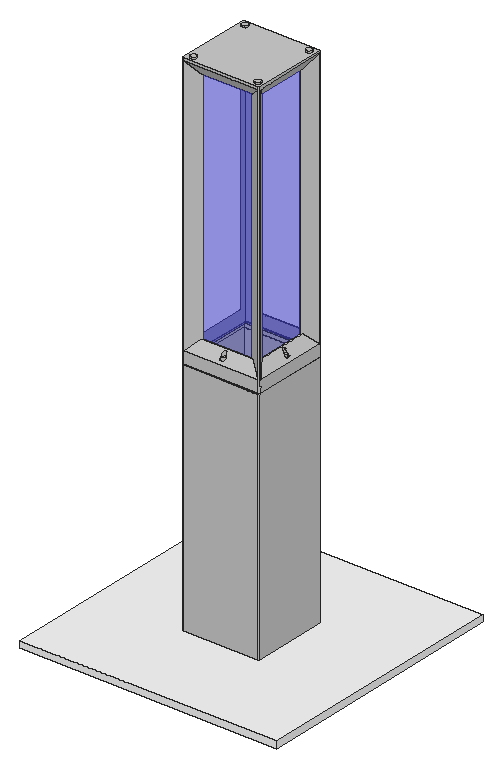
Revit family "BE_84666_de_DE", category Leuchten, Revit 2020
Family settings
  Basisbauteil = Fläche
  Bemaßung runder Anschluss = Durchmesser verwenden
  Teiletyp = Normal
  Beim Laden mit Abzugskörper schneiden = Ja
  Lichtquelle = Ja
  Gemeinsam genutzt = Nein
  Raumberechnungspunkt = Ja
Parameters (values of type "BEGA_84666_Silber_K4")
  built-in parameter 1150104 = 14.599 (stored number, unit not read)
  Wattage = 8.4 W
  Default Elevation = 0 mm
  built-in parameter 1150113 = 1 (stored number, unit not read)
  built-in parameter 1114218 = 1 (stored number, unit not read)
  Umgebungstemperatur = "25 °C"
  URL = "https://www.bega.com/de/produkt/84666"
  Typenkommentare = "© 2022 BEGA. Wir behalten uns das Recht vor, technische Änderungen ohne vorherige Ankündigung vorzunehmen."  # constant formula
  Type Image = 84666.png
  built-in parameter 1150134 = 12
  built-in parameter 1150109 = 1 (stored number, unit not read)
  Strom = ""
  built-in parameter 1150110 = 1 (stored number, unit not read)
  Spannung = 239.996 V
  Sonderanfertigung = no
  Seriennummer [instance] = "Hier können Sie die eindeutige Seriennummer für das Facility Management eintragen."
  Schutzklasse = "I"
  Schutzart = "IP 65"
  Scheinlast = 0 VA
  Produktdatenblatt = "https://cdn.bega.com/bega/products/84666K4/current/documents/data-sheets/de"
  Oberflächentemperatur = ""
  Neigungswinkel = 0.00°
  Modell = "84666AK4"
  Material_18 = BEGA_Gummi_schwarz
  Material_17 = BEGA_Reflektor
  Material_15 = BEGA_Leuchtmedium_matt
  Material_14 = BEGA_Kunststoff_opal
  Material_11 = BEGA_Glas_opal
  Material_09 = BEGA_Glas_klar
  Material_06 = BEGA_Oberfläche_Edelstahl_gebürstet
  Material_03 = BEGA_Oberfläche_Weiss_matt
  Material_02 = BEGA_Oberfläche_Silber_matt
  Material_01 [instance] = BEGA_Oberfläche_Grafit_matt
  M_W = no
  M_G = no
  M_A = yes
  Logo = 0
  built-in parameter 1114217 = 1 (stored number, unit not read)
  built-in parameter 1150139 = (empty or 0)
  built-in parameter 1150105 = 105.04 (stored number, unit not read)
  built-in parameter 1150114 = 1 (stored number, unit not read)
  Lumens = 1319.98 lm
  built-in parameter 1150115 = 1 (stored number, unit not read)
  Leuchtenlichtstrom = "887 lm"
  Leuchtenanzahl = ""
  Lebensdauerkriterien = "L70B50 @ 25 °C = 125000 h"
  Lastklassifizierung = Beleuchtung
  built-in parameter 1150112 = 1 (stored number, unit not read)
  Lampenlichtstrom = "1480 lm"
  Lampe = "LED 7.6 W"
  LED_Modulbezeichnung = "4x LED-0613/840"
  built-in parameter 1150142 = (empty or 0)
  Hersteller = "BEGA"  # constant formula
  Halbstreuwinkel = ""
  Gewicht = "4.85 kg"
  Gebrauchslageneinschränkung [instance] = ""
  Frequenz = "0/50-60 Hz"
  Farbwiedergabeindex = "CRI > 80"
  Farbtemperaturverschiebung bei Dämpfen der Lampe = <Keine Auswahl>
  Farbtemperatur = "4000 K"
  Farbfilter = 16777215
  Erdstück = no
  built-in parameter 1150133 = 10 (stored number, unit not read)
  Energieeffizienzklasse = "LED A++ - A"
  built-in parameter 1150137 = (empty or 0)
  built-in parameter 1150132 = (empty or 0)
  ENEC = "ja"
  Dimmbar [instance] = "DALI"
  Datei für fotometrisches Netz = "BE_84666K4.IES"
  CE_Konformität = "ja"
  Bestellnummer_Erdstück = if(Erdstück, "70894", "---")  # "---"
  Bestellnummer = "84666AK4"
  Beschreibung_Sonderanfertigung = "Hier können Sie Informationen zur Sonderanfertigung eintragen."
  Beschreibung = "Pollerleuchte"
  built-in parameter 1150106 = 1.0504 (stored number, unit not read)
  Befestigungsbohrung = "Ø 7 mm"
  Befestigungsabstand = ""
  Ballwurfsicher = ""
  BEGA_Intern_aus = yes
  BEGA_Intern_an = yes
  BEGA_Intern_Konstruktion = yes
  BEGA_Intern = yes
  BEGA_IES = yes
  BEGA_Dummy = no
  Anschlussleitung = ""
  Anschlussleistung [instance] = "9.6 W"
  Anschlusskasten = ""
  built-in parameter 1150107 = 4000 (stored number, unit not read)
  built-in parameter 1150102 = (empty or 0)
  built-in parameter 1150138 = (empty or 0)
  Aktualisierung = "2022-05-19T04:00:07"
  Abstand_zur_angestrahlten_Fläche [instance] = ""
  AC/DC = "AC/DC"
Types (4, lengths in mm): name | built-in parameter 1150104 | built-in parameter 1150134 | Modell | M_G | M_A | built-in parameter 1150105 | Lumens | Leuchtenlichtstrom | Lampenlichtstrom | LED_Modulbezeichnung | Farbtemperatur | Datei für fotometrisches Netz | Bestellnummer | built-in parameter 1150106 | built-in parameter 1150107
  BEGA_84666_Silber_K4 | 14.599 (stored number, unit not read) | 12 | "84666AK4" | no | yes | 105.04 (stored number, unit not read) | 1319.98 lm | "887 lm" | "1480 lm" | "4x LED-0613/840" | "4000 K" | "BE_84666K4.IES" | "84666AK4" | 1.0504 (stored number, unit not read) | 4000 (stored number, unit not read)
  BEGA_84666_Silber_K3 | 13.272 (stored number, unit not read) | (empty or 0) | "84666AK3" | no | yes | 95.495 (stored number, unit not read) | 1200.02 lm | "851 lm" | "1420 lm" | "4x LED-0613/830" | "3000 K" | "BE_84666K3.IES" | "84666AK3" | 0.95495 (stored number, unit not read) | 3000 (stored number, unit not read)
  BEGA_84666_Grafit_K4 | 14.599 (stored number, unit not read) | 12 | "84666K4" | yes | no | 105.04 (stored number, unit not read) | 1319.98 lm | "887 lm" | "1480 lm" | "4x LED-0613/840" | "4000 K" | "BE_84666K4.IES" | "84666K4" | 1.0504 (stored number, unit not read) | 4000 (stored number, unit not read)
  BEGA_84666_Grafit_K3 | 14.599 (stored number, unit not read) | 12 | "84666K3" | yes | no | 105.04 (stored number, unit not read) | 1319.98 lm | "851 lm" | "1420 lm" | "4x LED-0613/830" | "3000 K" | "BE_84666K3.IES" | "84666K3" | 1.0504 (stored number, unit not read) | 4000 (stored number, unit not read)
Reference planes
  plane 1 "Mitte (Vorne/Hinten)": y = 0
  plane 2: z = 0
  plane 3 "Mitte (Links/Rechts)": x = 0
  plane 4 "Links": x = -60.157
  plane 5 "Rechts": x = 60.157
  plane 6 "Unten": y = -60.157
  plane 7 "Oben": y = 60.157
  plane 8 "Vorne": z = 799.903
  plane 9 "Hinten": z = 0
Forms (mm)
  Extrusion 1, solid, material "BEGA_Platte_Weiss"
    sketch origin (0, -1119.2, 0) x (1, 0, 0) y (0, 1, 0)
      loop
        line (-200, 1319.2) -> (-200, 919.2) -> (200, 919.2) -> (200, 1319.2) -> (-200, 1319.2)
    from 0 to -10
  Extrusion 2, solid, material "BEGA_Dummy_matt", visible <- "BEGA_Dummy"
    sketch origin (80.095, -76.023, 0) x (1, 0, 0) y (0, 1, 0)
      loop
        line (-140.252, 136.18) -> (-140.252, 15.866) -> (-19.938, 15.866) -> (-19.938, 136.18) -> (-140.252, 136.18)
    from 0 to 799.903
Dimensions and locks
  plane 1 "Mitte (Vorne/Hinten)" to Extrusion 1 = 200 mm
  aligned and locked: plane 2 to Extrusion 1
  aligned and locked: level to Extrusion 1
Nested families
  nested 1: "BE_84666" at (0, 0, 0), type "BE_84666"
Connectors
  electrical at (0, 0, 0), driven by "Lastklassifizierung", driven by "Spannung", driven by "Scheinlast"
    settings: index 1, voltage 239.996 V, apparent load 0 VA, apparent load phase1 0 VA, apparent load phase2 0 VA, apparent load phase3 0 VA, power factor 1, load classification "Beleuchtung", number of poles 1, system type 31, power factor state 1, is connector primary yes, connector utility no, sub classification motor no, connector description ""
Definition of nested family "BE_84666"
  Parameters (values of type "BE_84666")
    Default Elevation = 1 mm
    URL = "http://www.bega.de/de/produkt"
    Type Comments = "© 2015 BEGA. Wir behalten uns das Recht vor, technische Änderungen ohne vorherige Ankündigung vorzunehmen. "  # constant formula
    Type Image = (empty or 0)
    Material_18 = none
    Material_17 = none
    Material_15 = none
    Material_14 = none
    Material_11 = none
    Material_09 = none
    Material_06 = none
    Material_03 = none
    Material_02 = none
    Material_01 = none
    M_W = yes
    M_G = yes
    M_A = yes
    Länge_Platte = 200 mm  # constant formula
    Höhe_Platte = -10 mm  # constant formula
    Manufacturer = "BEGA"  # constant formula
    Breite_Platte = 200 mm  # constant formula
  Reference planes
    plane 1 "Mitte (Oben/Unten)": y = 0
    plane 2: z = 0
    plane 3 "Mitte (Links/Rechts)": x = 0
    plane 4: x = -60
    plane 5: x = 60
    plane 6: z = 799.903
    plane 7: z = 0
    plane 8: y = -60
    plane 9: y = 60
  Forms (mm)
    Extrusion 1, solid, detail levels medium
      sketch origin (0, 0, 0) x (1, 0, 0) y (0, 1, 0)
        loop
          line (-100, 100) -> (-100, -100) -> (100, -100) -> (100, 100) -> (-100, 100)
      from 0 to -10 <- "Höhe_Platte"
    Revolve 2, solid, material <- "Material_01", visible <- "M_G", detail levels medium+fine
      sketch origin (0, 0, 0) x (1, 0, 0) y (0, 0, 1)
        loop
          arc (-22.019, 0) -> (-20.629, 0.561) -> (-20.02, 1.93) r 2
          line (-20.02, 1.93) -> (-20.02, 3.976)
          arc (-20.02, 3.976) -> (-20.32, 4.7) -> (-21.044, 5) r 1.024
          line (-21.044, 5) -> (-50.75, 5) -> (-50.75, 0) -> (-22.019, 0)
        axis (0, 0) -> (0, 5)
      angle from 0 to 360
    Extrusion 3, void
      sketch origin (0, 0, 0) x (1, 0, 0) y (0, 1, 0)
        loop
          arc (37.014, -10.606) -> (38.503, -0.001) -> (37.014, 10.604) r 38.503
          arc (37.014, 10.604) -> (32.683, 13.016) -> (30.277, 8.682) r 3.503
          arc (30.277, 8.682) -> (31.497, 0) -> (30.277, -8.683) r 31.504
          arc (30.277, -8.683) -> (32.683, -13.017) -> (37.014, -10.606) r 3.503
        loop
          arc (-7.619, 30.562) -> (-5.068, 34.808) -> (-9.315, 37.36) r 3.503
          arc (-9.315, 37.36) -> (-19.252, 33.345) -> (-27.697, 26.746) r 38.504
          arc (-27.697, 26.746) -> (-27.61, 21.793) -> (-22.657, 21.88) r 3.503
          arc (-22.657, 21.88) -> (-15.748, 27.277) -> (-7.619, 30.562) r 31.504
        loop
          arc (-22.658, -21.879) -> (-27.615, -21.796) -> (-27.69, -26.753) r 3.503
          arc (-27.69, -26.753) -> (-19.252, -33.344) -> (-9.326, -37.357) r 38.503
          arc (-9.326, -37.357) -> (-5.07, -34.814) -> (-7.62, -30.562) r 3.503
          arc (-7.62, -30.562) -> (-15.749, -27.277) -> (-22.658, -21.879) r 31.504
      from 0 to 10
    Sweep 4, solid, material <- "Material_01", visible <- "M_G", detail levels medium+fine
      path origin (0, 0, 0) x (1, 0, 0) y (0, 1, 0)
        loop
          line (-60, 60) -> (-60, -60) -> (60, -60) -> (60, 60) -> (-60, 60)
      profile origin (-60, 0, 0) x (1, 0, 0) y (0, 0, 1)
        loop
          line (0, 1.903) -> (2.5, 1.903) -> (2.5, 373.903) -> (1.07, 373.903) -> (1, 371.903) -> (0, 371.903) -> (0, 1.903)
    Extrusion 5, solid, material <- "Material_01", visible <- "M_G", detail levels medium+fine
      sketch origin (0, 0, 0) x (1, 0, 0) y (0, 1, 0)
        loop
          circle (-45.962, 45.962) r 5
        loop
          circle (45.962, 45.962) r 5
        loop
          circle (-45.962, -45.962) r 5
        loop
          circle (45.962, -45.962) r 5
        loop
          line (-57.5, -57.5) -> (57.5, -57.5) -> (57.5, 57.5) -> (-57.5, 57.5) -> (-57.5, -57.5)
        loop
          circle (0, 0) r 49.785
      from 4.363 to 20
    Revolve 6, void
      sketch origin (0, 0, 0) x (1, 0, 0) y (0, 0, 1)
        loop
          line (-60.306, 24.653) -> (-60.306, 19.403) -> (-50.069, 19.403) -> (-50.069, 24.653) -> (-60.306, 24.653)
        axis (-60.306, 19.403) -> (-50.069, 19.403)
      angle from 0 to 360
    Revolve 7, solid, material <- "Material_06", detail levels fine
      sketch origin (0, 0, 0) x (1, 0, 0) y (0, 0, 1)
        loop
          line (-60, 24.403) -> (-60, 19.403) -> (-53.241, 19.403) -> (-53.241, 24.403) -> (-60, 24.403)
        axis (-60, 19.403) -> (-53.241, 19.403)
      angle from 0 to 360
    Sweep 8, solid, material <- "Material_01", visible <- "M_G", detail levels medium+fine
      path origin (0, 0, 0) x (1, 0, 0) y (0, 1, 0)
        loop
          line (-60, 60) -> (-60, -60) -> (60, -60) -> (60, 60) -> (-60, 60)
      profile origin (-60, 0, 0) x (1, 0, 0) y (0, 0, 1)
        loop
          line (2.5, 373.903) -> (3.104, 391.203) -> (13.33, 391.203) -> (13.33, 409.516) -> (12.33, 409.516) -> (0, 391.903) -> (-0.157, 373.903) -> (2.5, 373.903)
    Sweep 9, solid, material <- "Material_01", visible <- "M_G", detail levels medium+fine
      path origin (0, 0, 0) x (1, 0, 0) y (0, 1, 0)
        loop
          line (-60, -60) -> (60, -60) -> (60, 60) -> (-60, 60) -> (-60, -60)
      profile origin (-60, 0, 0) x (-1, 0, 0) y (0, 0, 1)
        loop
          line (0, 799.903) -> (-32.205, 799.903) -> (-32.205, 796.403) -> (-13.33, 796.403) -> (-13.33, 778.705) -> (-12.33, 778.705) -> (0, 796.58) -> (0, 799.903)
    Extrusion 10, solid, material <- "Material_01", visible <- "M_G", detail levels medium+fine
      sketch origin (0, 0, 0) x (1, 0, 0) y (0, 0, 1)
        loop
          line (-27.795, 796.403) -> (27.795, 796.403) -> (27.795, 799.903) -> (-27.795, 799.903) -> (-27.795, 796.403)
      from -27.795 to 27.795
    Extrusion 11, solid, material <- "Material_01", visible <- "M_G", detail levels medium+fine
      sketch origin (0, 0, 0) x (1, 0, 0) y (0, 1, 0)
        loop
          line (-57.454, 60) -> (-60, 60) -> (-60, 57.454) -> (-46.67, 38.417) -> (-46.67, 46.67) -> (-38.417, 46.67) -> (-57.454, 60)
        loop
          line (57.454, 60) -> (38.417, 46.67) -> (46.67, 46.67) -> (46.67, 38.417) -> (60, 57.454) -> (60, 60) -> (57.454, 60)
        loop
          line (-57.454, -60) -> (-38.417, -46.67) -> (-46.67, -46.67) -> (-46.67, -38.417) -> (-60, -57.454) -> (-60, -60) -> (-57.454, -60)
        loop
          line (57.454, -60) -> (60, -60) -> (60, -57.454) -> (46.67, -38.417) -> (46.67, -46.67) -> (38.417, -46.67) -> (57.454, -60)
      from 391.903 to 799.903
    Sweep 12, solid, material <- "Material_14", detail levels medium+fine
      path origin (0, 0, 0) x (1, 0, 0) y (0, 1, 0)
        loop
          line (-60, 60) -> (-60, -60) -> (60, -60) -> (60, 60) -> (-60, 60)
      profile origin (-60, 0, 0) x (1, 0, 0) y (0, 0, 1)
        loop
          line (18, 790.803) -> (15, 790.803) -> (15, 390.803) -> (18, 390.803) -> (18, 790.803)
    Extrusion 13, void
      sketch origin (0, 0, 0) x (1, 0, 0) y (0, 1, 0)
        loop
          arc (-53.002, -3.7) -> (-49.3, -0.001) -> (-53, 3.7) r 3.7
          line (-53, 3.7) -> (-62.282, 3.7) -> (-62.282, -3.7) -> (-53.002, -3.7)
        loop
          line (53.002, -3.7) -> (62.282, -3.7) -> (62.282, 3.7) -> (53, 3.7)
          arc (53, 3.7) -> (49.3, -0.001) -> (53.002, -3.7) r 3.7
        loop
          line (3.7, 53.002) -> (3.7, 62.282) -> (-3.7, 62.282) -> (-3.7, 53)
          arc (-3.7, 53) -> (0.001, 49.3) -> (3.7, 53.002) r 3.7
        loop
          arc (3.7, -53.002) -> (0.001, -49.3) -> (-3.7, -53) r 3.7
          line (-3.7, -53) -> (-3.7, -62.282) -> (3.7, -62.282) -> (3.7, -53.002)
      from 396.703 to 408.221
    Extrusion 14, solid, material <- "Material_06", detail levels fine
      sketch origin (0, 0, 0) x (1, 0, 0) y (0, 1, 0)
        loop
          circle (0, 53) r 3.5
        loop
          circle (0, -53) r 3.5
        loop
          circle (-53, 0) r 3.5
        loop
          circle (53, 0) r 3.5
      from 396.703 to 400.703
    Extrusion 15, solid, material <- "Material_06", detail levels fine
      sketch origin (0, 0, 0) x (1, 0, 0) y (0, 1, 0)
        loop
          circle (-49.965, 50) r 4.6
        loop
          circle (49.965, 50) r 4.6
        loop
          circle (-49.965, -50) r 4.6
        loop
          circle (49.965, -50) r 4.6
      from 798.04 to 801.203
    Revolve 16, solid, material <- "Material_02", visible <- "M_A", detail levels medium+fine
      sketch origin (0, 0, 0) x (1, 0, 0) y (0, 0, 1)
        loop
          arc (-22.019, 0) -> (-20.629, 0.561) -> (-20.02, 1.93) r 2
          line (-20.02, 1.93) -> (-20.02, 3.976)
          arc (-20.02, 3.976) -> (-20.32, 4.7) -> (-21.044, 5) r 1.024
          line (-21.044, 5) -> (-50.75, 5) -> (-50.75, 0) -> (-22.019, 0)
        axis (0, 0) -> (0, 5)
      angle from 0 to 360
    Sweep 17, solid, material <- "Material_02", visible <- "M_A", detail levels medium+fine
      path origin (0, 0, 0) x (1, 0, 0) y (0, 1, 0)
        loop
          line (-60, 60) -> (-60, -60) -> (60, -60) -> (60, 60) -> (-60, 60)
      profile origin (-60, 0, 0) x (1, 0, 0) y (0, 0, 1)
        loop
          line (0, 1.903) -> (2.5, 1.903) -> (2.5, 373.903) -> (1.07, 373.903) -> (1, 371.903) -> (0, 371.903) -> (0, 1.903)
    Extrusion 18, solid, material <- "Material_02", visible <- "M_A", detail levels medium+fine
      sketch origin (0, 0, 0) x (1, 0, 0) y (0, 1, 0)
        loop
          circle (-45.962, 45.962) r 5
        loop
          circle (45.962, 45.962) r 5
        loop
          circle (-45.962, -45.962) r 5
        loop
          circle (45.962, -45.962) r 5
        loop
          line (-57.5, -57.5) -> (57.5, -57.5) -> (57.5, 57.5) -> (-57.5, 57.5) -> (-57.5, -57.5)
        loop
          circle (0, 0) r 49.785
      from 4.363 to 20
    Sweep 19, solid, material <- "Material_02", visible <- "M_A", detail levels medium+fine
      path origin (0, 0, 0) x (1, 0, 0) y (0, 1, 0)
        loop
          line (-60, 60) -> (-60, -60) -> (60, -60) -> (60, 60) -> (-60, 60)
      profile origin (-60, 0, 0) x (1, 0, 0) y (0, 0, 1)
        loop
          line (2.5, 373.903) -> (3.104, 391.203) -> (13.33, 391.203) -> (13.33, 409.516) -> (12.33, 409.516) -> (0, 391.903) -> (-0.157, 373.903) -> (2.5, 373.903)
    Sweep 20, solid, material <- "Material_02", visible <- "M_A", detail levels medium+fine
      path origin (0, 0, 0) x (1, 0, 0) y (0, 1, 0)
        loop
          line (-60, -60) -> (60, -60) -> (60, 60) -> (-60, 60) -> (-60, -60)
      profile origin (-60, 0, 0) x (-1, 0, 0) y (0, 0, 1)
        loop
          line (0, 799.903) -> (-32.205, 799.903) -> (-32.205, 796.403) -> (-13.33, 796.403) -> (-13.33, 778.705) -> (-12.33, 778.705) -> (0, 796.58) -> (0, 799.903)
    Extrusion 21, solid, material <- "Material_02", visible <- "M_A", detail levels medium+fine
      sketch origin (0, 0, 0) x (1, 0, 0) y (0, 0, 1)
        loop
          line (-27.795, 796.403) -> (27.795, 796.403) -> (27.795, 799.903) -> (-27.795, 799.903) -> (-27.795, 796.403)
      from -27.795 to 27.795
    Extrusion 22, solid, material <- "Material_02", visible <- "M_A", detail levels medium+fine
      sketch origin (0, 0, 0) x (1, 0, 0) y (0, 1, 0)
        loop
          line (-57.454, 60) -> (-60, 60) -> (-60, 57.454) -> (-46.67, 38.417) -> (-46.67, 46.67) -> (-38.417, 46.67) -> (-57.454, 60)
        loop
          line (57.454, 60) -> (38.417, 46.67) -> (46.67, 46.67) -> (46.67, 38.417) -> (60, 57.454) -> (60, 60) -> (57.454, 60)
        loop
          line (-57.454, -60) -> (-38.417, -46.67) -> (-46.67, -46.67) -> (-46.67, -38.417) -> (-60, -57.454) -> (-60, -60) -> (-57.454, -60)
        loop
          line (57.454, -60) -> (60, -60) -> (60, -57.454) -> (46.67, -38.417) -> (46.67, -46.67) -> (38.417, -46.67) -> (57.454, -60)
      from 391.903 to 799.903
    Extrusion 23, void
      sketch origin (0, 0, 0) x (1, 0, 0) y (0, 1, 0)
        loop
          line (57.319, 60.403) -> (60.403, 57.32) -> (60.403, 60.403) -> (57.319, 60.403)
        loop
          line (-57.319, 60.403) -> (-60.403, 60.403) -> (-60.403, 57.32) -> (-57.319, 60.403)
        loop
          line (57.319, -60.403) -> (60.403, -60.403) -> (60.403, -57.32) -> (57.319, -60.403)
        loop
          line (-57.319, -60.403) -> (-60.403, -57.32) -> (-60.403, -60.403) -> (-57.319, -60.403)
      from 0 to 803.203
  Cuts and joins
    Extrusion 3, Extrusion 13 cuts Revolve 2
    Revolve 6, Extrusion 13, Extrusion 23 cuts Sweep 4
    Revolve 6, Extrusion 13, Extrusion 23 cuts Extrusion 5
    joined: Sweep 4, Extrusion 5
    Extrusion 13, Extrusion 23 cuts Sweep 8
    Extrusion 23 cuts Sweep 9
    Extrusion 23 cuts Extrusion 11
    joined: Sweep 8, Sweep 9, Extrusion 10, Extrusion 11
    Extrusion 13 cuts Revolve 7
    Revolve 6, Extrusion 23 cuts Sweep 17
    Extrusion 23 cuts Extrusion 18
    joined: Sweep 17, Extrusion 18
    Extrusion 3 cuts Revolve 16
    Extrusion 13, Extrusion 23 cuts Sweep 19
    Extrusion 23 cuts Sweep 20
    Extrusion 23 cuts Extrusion 21
    Extrusion 23 cuts Extrusion 22
    joined: Sweep 19, Sweep 20, Extrusion 21, Extrusion 22
  Dimensions and locks
    equal spacing: Extrusion 1 sketch curve, plane 3 "Mitte (Links/Rechts)", Extrusion 1 sketch curve
    equal spacing: Extrusion 1 sketch curve, plane 1 "Mitte (Oben/Unten)", Extrusion 1 sketch curve
    "Länge_Platte": Extrusion 1 sketch curve to Extrusion 1 sketch curve
    "Breite_Platte": Extrusion 1 sketch curve to Extrusion 1 sketch curve
    aligned and locked: Extrusion 1 to plane 2
    aligned and locked: level to Extrusion 1
  Automatic sketch dimensions
    Revolve 2 sketch curve to level = 0 mm
    Revolve 2 sketch curve to plane 3 "Mitte (Links/Rechts)" = 0 mm
    level to Revolve 2 sketch curve = 1.93 mm
    Revolve 2 sketch curve to plane 3 "Mitte (Links/Rechts)" = 20.02 mm
    Revolve 2 sketch curve to Revolve 2 sketch curve = 1.024 mm
    Revolve 2 sketch curve to Revolve 2 sketch curve = 1.999 mm
    level to Revolve 2 sketch curve = 5 mm
    Revolve 2 sketch curve to Revolve 2 sketch curve = 28.731 mm
    Revolve 2 sketch curve to Revolve 2 sketch curve = 0.07 mm
    Revolve 2 sketch curve to Revolve 2 sketch curve = 0 mm
    Revolve 2 sketch curve to level = 1.284 mm
    level to Revolve 2 sketch curve = 8.716 mm
    Extrusion 3 sketch curve to plane 3 "Mitte (Links/Rechts)" = 25.178 mm
    Extrusion 3 sketch curve to plane 3 "Mitte (Links/Rechts)" = 25.177 mm
    Extrusion 3 sketch curve to plane 3 "Mitte (Links/Rechts)" = 8.467 mm  (x2)
    plane 1 "Mitte (Oben/Unten)" to Extrusion 3 sketch curve = 0 mm  (x2)
    Extrusion 3 sketch curve to plane 3 "Mitte (Links/Rechts)" = 0.007 mm
    Extrusion 3 sketch curve to plane 3 "Mitte (Links/Rechts)" = 0 mm  (x2)
    Extrusion 3 sketch curve to plane 1 "Mitte (Oben/Unten)" = 0 mm  (x2)
    plane 3 "Mitte (Links/Rechts)" to Extrusion 3 sketch curve = 0.001 mm
    plane 3 "Mitte (Links/Rechts)" to Extrusion 3 sketch curve = 0.003 mm
    plane 3 "Mitte (Links/Rechts)" to Extrusion 3 sketch curve = 0.004 mm
    Extrusion 3 sketch curve to plane 1 "Mitte (Oben/Unten)" = 9.648 mm
    plane 3 "Mitte (Links/Rechts)" to Extrusion 3 sketch curve = 33.644 mm
    plane 1 "Mitte (Oben/Unten)" to Extrusion 3 sketch curve = 9.648 mm
    Extrusion 3 sketch curve to Extrusion 3 sketch curve = 0 mm  (x11)
    plane 1 "Mitte (Oben/Unten)" to Extrusion 3 sketch curve = 24.313 mm
    Extrusion 3 sketch curve to Extrusion 3 sketch curve = 9.648 mm  (x2)
    plane 1 "Mitte (Oben/Unten)" to Extrusion 3 sketch curve = 0.006 mm
    Extrusion 3 sketch curve to plane 1 "Mitte (Oben/Unten)" = 0.006 mm
    Extrusion 3 sketch curve to plane 1 "Mitte (Oben/Unten)" = 24.313 mm
    Extrusion 3 sketch curve to Extrusion 3 sketch curve = 2.513 mm
    Extrusion 3 sketch curve to Extrusion 3 sketch curve = 2.52 mm  (x3)
    Extrusion 3 sketch curve to Extrusion 3 sketch curve = 0.859 mm
    Extrusion 3 sketch curve to Extrusion 3 sketch curve = 0.847 mm  (x2)
    Extrusion 3 sketch curve to Extrusion 3 sketch curve = 0.001 mm
    Extrusion 3 sketch curve to Extrusion 3 sketch curve = 3.367 mm  (x2)
    Extrusion 3 sketch curve to Extrusion 3 sketch curve = 3.369 mm
    Extrusion 3 sketch curve to Extrusion 3 sketch curve = 3.37 mm
    Extrusion 3 sketch curve to Extrusion 3 sketch curve = 0.958 mm
    Extrusion 3 sketch curve to Extrusion 3 sketch curve = 2.433 mm
    Sweep 4 sketch curve to plane 3 "Mitte (Links/Rechts)" = 60 mm
    plane 3 "Mitte (Links/Rechts)" to Sweep 4 sketch curve = 60 mm
    plane 1 "Mitte (Oben/Unten)" to Sweep 4 sketch curve = 60 mm
    Sweep 4 sketch curve to plane 1 "Mitte (Oben/Unten)" = 60 mm
    profile plane to Sweep 4 sketch curve = 0 mm
    Sweep 4 sketch curve to profile plane = 1 mm
    Sweep 4 sketch curve to profile plane = 1.07 mm
    Sweep 4 sketch curve to profile plane = 2.5 mm
    level to Sweep 4 sketch curve = 1.903 mm
    Sweep 4 sketch curve to Sweep 4 sketch curve = 370 mm
    Sweep 4 sketch curve to Sweep 4 sketch curve = 2 mm
    plane 1 "Mitte (Oben/Unten)" to Extrusion 5 sketch curve = 0 mm
    Extrusion 5 sketch curve to plane 3 "Mitte (Links/Rechts)" = 0 mm
    Extrusion 5 sketch curve to plane 3 "Mitte (Links/Rechts)" = 45.962 mm  (x2)
    Extrusion 5 sketch curve to Extrusion 5 sketch curve = 11.538 mm  (x4)
    plane 3 "Mitte (Links/Rechts)" to Extrusion 5 sketch curve = 45.962 mm  (x2)
    plane 1 "Mitte (Oben/Unten)" to Extrusion 5 sketch curve = 45.962 mm  (x2)
    Extrusion 5 sketch curve to plane 1 "Mitte (Oben/Unten)" = 45.962 mm  (x2)
    level to Revolve 6 sketch curve = 24.653 mm
    Revolve 6 sketch curve to plane 3 "Mitte (Links/Rechts)" = 60.306 mm
    Revolve 6 sketch curve to Revolve 6 sketch curve = 10.237 mm
    Revolve 6 sketch curve to Revolve 6 sketch curve = 5.25 mm
    Revolve 6 sketch curve to Revolve 6 sketch curve = 0.306 mm
    Revolve 6 sketch curve to Revolve 6 sketch curve = 0 mm  (x2)
    level to Revolve 7 sketch curve = 24.403 mm
    Revolve 7 sketch curve to plane 3 "Mitte (Links/Rechts)" = 60 mm
    Revolve 7 sketch curve to Revolve 7 sketch curve = 6.759 mm
    Revolve 7 sketch curve to Revolve 7 sketch curve = 5 mm
    Revolve 7 sketch curve to Revolve 7 sketch curve = 0 mm  (x3)
    Sweep 8 sketch curve to plane 3 "Mitte (Links/Rechts)" = 60 mm
    plane 3 "Mitte (Links/Rechts)" to Sweep 8 sketch curve = 60 mm
    plane 1 "Mitte (Oben/Unten)" to Sweep 8 sketch curve = 60 mm
    Sweep 8 sketch curve to plane 1 "Mitte (Oben/Unten)" = 60 mm
    profile plane to Sweep 8 sketch curve = 0 mm
    profile plane to Sweep 8 sketch curve = 0.157 mm
    Sweep 8 sketch curve to profile plane = 2.5 mm
    Sweep 8 sketch curve to profile plane = 3.104 mm
    Sweep 8 sketch curve to profile plane = 12.33 mm
    Sweep 8 sketch curve to Sweep 8 sketch curve = 10.226 mm
    level to Sweep 8 sketch curve = 373.903 mm
    Sweep 8 sketch curve to Sweep 8 sketch curve = 17.3 mm
    Sweep 8 sketch curve to Sweep 8 sketch curve = 0.7 mm
    Sweep 8 sketch curve to Sweep 8 sketch curve = 18.313 mm
    Sweep 9 sketch curve to plane 3 "Mitte (Links/Rechts)" = 60 mm
    plane 3 "Mitte (Links/Rechts)" to Sweep 9 sketch curve = 60 mm
    plane 1 "Mitte (Oben/Unten)" to Sweep 9 sketch curve = 60 mm
    Sweep 9 sketch curve to plane 1 "Mitte (Oben/Unten)" = 60 mm
    Sweep 9 sketch curve to profile plane = 0 mm
    profile plane to Sweep 9 sketch curve = 12.33 mm
    Sweep 9 sketch curve to Sweep 9 sketch curve = 1 mm
    Sweep 9 sketch curve to Sweep 9 sketch curve = 18.875 mm
    level to Sweep 9 sketch curve = 778.705 mm
    Sweep 9 sketch curve to Sweep 9 sketch curve = 17.698 mm
    Sweep 9 sketch curve to Sweep 9 sketch curve = 0.177 mm
    Sweep 9 sketch curve to Sweep 9 sketch curve = 3.5 mm
    Extrusion 10 sketch curve to plane 3 "Mitte (Links/Rechts)" = 27.795 mm
    plane 3 "Mitte (Links/Rechts)" to Extrusion 10 sketch curve = 27.795 mm
    level to Extrusion 10 sketch curve = 796.403 mm
    Extrusion 10 sketch curve to Extrusion 10 sketch curve = 3.5 mm
    Extrusion 11 sketch curve to plane 3 "Mitte (Links/Rechts)" = 60 mm  (x2)
    Extrusion 11 sketch curve to Extrusion 11 sketch curve = 2.546 mm  (x8)
    Extrusion 11 sketch curve to Extrusion 11 sketch curve = 13.33 mm  (x2)
    Extrusion 11 sketch curve to Extrusion 11 sketch curve = 8.253 mm  (x8)
    plane 3 "Mitte (Links/Rechts)" to Extrusion 11 sketch curve = 38.417 mm  (x2)
    Extrusion 11 sketch curve to Extrusion 11 sketch curve = 10.784 mm  (x6)
    plane 1 "Mitte (Oben/Unten)" to Extrusion 11 sketch curve = 60 mm  (x2)
    Extrusion 11 sketch curve to plane 1 "Mitte (Oben/Unten)" = 38.417 mm  (x2)
    Sweep 12 sketch curve to plane 3 "Mitte (Links/Rechts)" = 60 mm
    plane 3 "Mitte (Links/Rechts)" to Sweep 12 sketch curve = 60 mm
    plane 1 "Mitte (Oben/Unten)" to Sweep 12 sketch curve = 60 mm
    Sweep 12 sketch curve to plane 1 "Mitte (Oben/Unten)" = 60 mm
    Sweep 12 sketch curve to profile plane = 15 mm
    Sweep 12 sketch curve to Sweep 12 sketch curve = 3 mm
    level to Sweep 12 sketch curve = 390.803 mm
    Sweep 12 sketch curve to Sweep 12 sketch curve = 400 mm
    Extrusion 13 sketch curve to plane 3 "Mitte (Links/Rechts)" = 0 mm  (x2)
    Extrusion 13 sketch curve to plane 3 "Mitte (Links/Rechts)" = 3.7 mm  (x2)
    Extrusion 13 sketch curve to plane 1 "Mitte (Oben/Unten)" = 3.7 mm  (x2)
    Extrusion 13 sketch curve to plane 3 "Mitte (Links/Rechts)" = 53 mm
    Extrusion 13 sketch curve to Extrusion 13 sketch curve = 0.002 mm  (x2)
    Extrusion 13 sketch curve to Extrusion 13 sketch curve = 9.282 mm  (x3)
    plane 3 "Mitte (Links/Rechts)" to Extrusion 13 sketch curve = 3.7 mm  (x2)
    plane 3 "Mitte (Links/Rechts)" to Extrusion 13 sketch curve = 53 mm
    plane 1 "Mitte (Oben/Unten)" to Extrusion 13 sketch curve = 3.7 mm  (x2)
    Extrusion 13 sketch curve to Extrusion 13 sketch curve = 9.28 mm
    plane 1 "Mitte (Oben/Unten)" to Extrusion 13 sketch curve = 53 mm
    Extrusion 13 sketch curve to plane 1 "Mitte (Oben/Unten)" = 53 mm
    plane 1 "Mitte (Oben/Unten)" to Extrusion 15 sketch curve = 50 mm  (x2)
    Extrusion 15 sketch curve to plane 3 "Mitte (Links/Rechts)" = 49.965 mm
    Extrusion 15 sketch curve to Extrusion 15 sketch curve = 0 mm
    Extrusion 15 sketch curve to Extrusion 15 sketch curve = 99.931 mm  (x2)
    Extrusion 15 sketch curve to plane 1 "Mitte (Oben/Unten)" = 50 mm  (x2)
    Revolve 16 sketch curve to level = 0 mm
    Revolve 16 sketch curve to plane 3 "Mitte (Links/Rechts)" = 0 mm
    level to Revolve 16 sketch curve = 1.93 mm
    Revolve 16 sketch curve to plane 3 "Mitte (Links/Rechts)" = 20.02 mm
    Revolve 16 sketch curve to Revolve 16 sketch curve = 1.024 mm
    Revolve 16 sketch curve to Revolve 16 sketch curve = 1.999 mm
    level to Revolve 16 sketch curve = 5 mm
    Revolve 16 sketch curve to Revolve 16 sketch curve = 28.731 mm
    Revolve 16 sketch curve to Revolve 16 sketch curve = 0.07 mm
    Revolve 16 sketch curve to Revolve 16 sketch curve = 0 mm
    Revolve 16 sketch curve to level = 1.284 mm
    level to Revolve 16 sketch curve = 8.716 mm
    Sweep 17 sketch curve to plane 3 "Mitte (Links/Rechts)" = 60 mm
    plane 3 "Mitte (Links/Rechts)" to Sweep 17 sketch curve = 60 mm
    plane 1 "Mitte (Oben/Unten)" to Sweep 17 sketch curve = 60 mm
    Sweep 17 sketch curve to plane 1 "Mitte (Oben/Unten)" = 60 mm
    profile plane to Sweep 17 sketch curve = 0 mm
    Sweep 17 sketch curve to profile plane = 1 mm
    Sweep 17 sketch curve to profile plane = 1.07 mm
    Sweep 17 sketch curve to profile plane = 2.5 mm
    level to Sweep 17 sketch curve = 1.903 mm
    Sweep 17 sketch curve to Sweep 17 sketch curve = 370 mm
    Sweep 17 sketch curve to Sweep 17 sketch curve = 2 mm
    plane 1 "Mitte (Oben/Unten)" to Extrusion 18 sketch curve = 0 mm
    Extrusion 18 sketch curve to plane 3 "Mitte (Links/Rechts)" = 0 mm
    Extrusion 18 sketch curve to plane 3 "Mitte (Links/Rechts)" = 45.962 mm  (x2)
    Extrusion 18 sketch curve to Extrusion 18 sketch curve = 11.538 mm  (x4)
    plane 3 "Mitte (Links/Rechts)" to Extrusion 18 sketch curve = 45.962 mm  (x2)
    plane 1 "Mitte (Oben/Unten)" to Extrusion 18 sketch curve = 45.962 mm  (x2)
    Extrusion 18 sketch curve to plane 1 "Mitte (Oben/Unten)" = 45.962 mm  (x2)
    Sweep 19 sketch curve to plane 3 "Mitte (Links/Rechts)" = 60 mm
    plane 3 "Mitte (Links/Rechts)" to Sweep 19 sketch curve = 60 mm
    plane 1 "Mitte (Oben/Unten)" to Sweep 19 sketch curve = 60 mm
    Sweep 19 sketch curve to plane 1 "Mitte (Oben/Unten)" = 60 mm
    profile plane to Sweep 19 sketch curve = 0 mm
    profile plane to Sweep 19 sketch curve = 0.157 mm
    Sweep 19 sketch curve to profile plane = 2.5 mm
    Sweep 19 sketch curve to profile plane = 3.104 mm
    Sweep 19 sketch curve to profile plane = 12.33 mm
    Sweep 19 sketch curve to Sweep 19 sketch curve = 10.226 mm
    level to Sweep 19 sketch curve = 373.903 mm
    Sweep 19 sketch curve to Sweep 19 sketch curve = 17.3 mm
    Sweep 19 sketch curve to Sweep 19 sketch curve = 0.7 mm
    Sweep 19 sketch curve to Sweep 19 sketch curve = 18.313 mm
    Sweep 20 sketch curve to plane 3 "Mitte (Links/Rechts)" = 60 mm
    plane 3 "Mitte (Links/Rechts)" to Sweep 20 sketch curve = 60 mm
    plane 1 "Mitte (Oben/Unten)" to Sweep 20 sketch curve = 60 mm
    Sweep 20 sketch curve to plane 1 "Mitte (Oben/Unten)" = 60 mm
    Sweep 20 sketch curve to profile plane = 0 mm
    profile plane to Sweep 20 sketch curve = 12.33 mm
    Sweep 20 sketch curve to Sweep 20 sketch curve = 1 mm
    Sweep 20 sketch curve to Sweep 20 sketch curve = 18.875 mm
    level to Sweep 20 sketch curve = 778.705 mm
    Sweep 20 sketch curve to Sweep 20 sketch curve = 17.698 mm
    Sweep 20 sketch curve to Sweep 20 sketch curve = 0.177 mm
    Sweep 20 sketch curve to Sweep 20 sketch curve = 3.5 mm
    Extrusion 21 sketch curve to plane 3 "Mitte (Links/Rechts)" = 27.795 mm
    plane 3 "Mitte (Links/Rechts)" to Extrusion 21 sketch curve = 27.795 mm
    level to Extrusion 21 sketch curve = 796.403 mm
    Extrusion 21 sketch curve to Extrusion 21 sketch curve = 3.5 mm
    Extrusion 22 sketch curve to plane 3 "Mitte (Links/Rechts)" = 60 mm  (x2)
    Extrusion 22 sketch curve to Extrusion 22 sketch curve = 2.546 mm  (x8)
    Extrusion 22 sketch curve to Extrusion 22 sketch curve = 13.33 mm  (x2)
    Extrusion 22 sketch curve to Extrusion 22 sketch curve = 8.253 mm  (x8)
    plane 3 "Mitte (Links/Rechts)" to Extrusion 22 sketch curve = 38.417 mm  (x2)
    Extrusion 22 sketch curve to Extrusion 22 sketch curve = 10.784 mm  (x6)
    plane 1 "Mitte (Oben/Unten)" to Extrusion 22 sketch curve = 60 mm  (x2)
    Extrusion 22 sketch curve to plane 1 "Mitte (Oben/Unten)" = 38.417 mm  (x2)
    Extrusion 23 sketch curve to plane 3 "Mitte (Links/Rechts)" = 60.403 mm  (x2)
    Extrusion 23 sketch curve to Extrusion 23 sketch curve = 3.083 mm  (x8)
    plane 3 "Mitte (Links/Rechts)" to Extrusion 23 sketch curve = 57.319 mm  (x2)
    plane 1 "Mitte (Oben/Unten)" to Extrusion 23 sketch curve = 60.403 mm  (x2)
    Extrusion 23 sketch curve to plane 1 "Mitte (Oben/Unten)" = 57.32 mm  (x2)
    radius of Extrusion 5 sketch curve = 5 mm  (x4)
    radius of Extrusion 5 sketch curve = 49.785 mm
    radius of Extrusion 15 sketch curve = 4.6 mm  (x4)
    radius of Extrusion 18 sketch curve = 5 mm  (x4)
    radius of Extrusion 18 sketch curve = 49.785 mm
